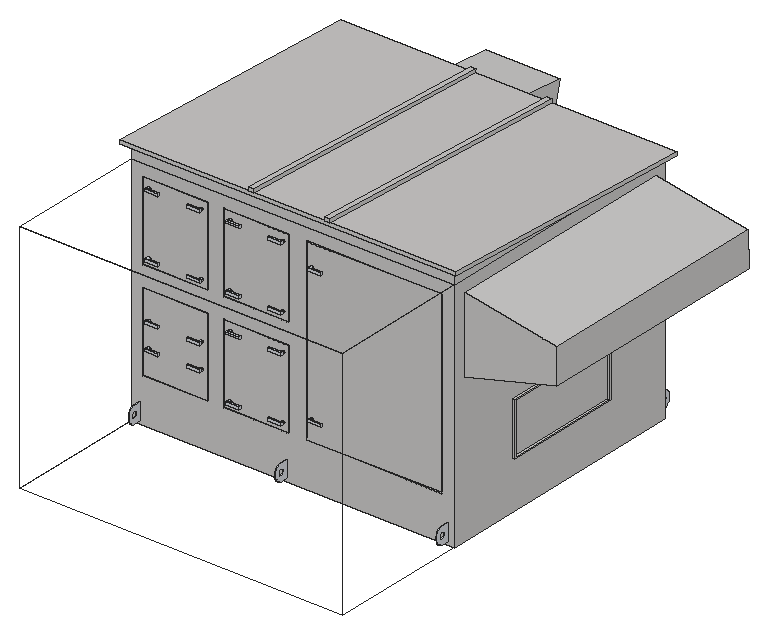
Revit family "DN-3RT-2FP-EC", category Mechanical Equipment, Revit 2016
Family settings
  Part Type = Normal
  Round Connector Dimension = Use Diameter
  OmniClass Number = 23.75.00.00
  OmniClass Title = Climate Control (HVAC)
  Work Plane-Based = No
  Always vertical = Yes
  Cut with Voids When Loaded = No
  Shared = No
  Room Calculation Point = No
Parameters (values of type "2 @ 2.70 kW ea.")
  Voltage [instance] = "200-240 V"
  Unit Weight Range (lbs) [instance] = "2850-3050 lbs."
  Max. Shipping Weight (lbs) [instance] = "3075-3275 lbs."
  Unit Dimensions (L x W x H) [instance] = "128-1/4\" x 104-5/8\" x 77-1/8\""
  Shipping Dimensions (L x W x H) [instance] = "120\" x 90\" x 83\""
  Unit [instance] = Renewaire - Galvanized Steel
  URL = "www.renewaire.com"
  Typical Airflow Range = "750-3,300 CFM"
  Standard Features [instance] = "EC Motors for both airstreams, Direct drive backward inclined plenum, Higher ESP of up to 2.5\" w.g. at 3,000 CFM, Integrated programmable controls, True 100% face and bypass enthalpy based modulating economizer, Class 1 low leakage motorized isolation dampers, Stainless steel double-sloped drain pan with cooling option, 1\" Double wall foam injected 20 gauge galvanized panel construction with R6.5 insulation"
  Service Area Visibility [instance] = yes
  Service Area Box [instance] = Renewaire - Interference
  Revit Object Download Link [instance] = ""
  Phase [instance] = "Three"
  Options [instance] = "DX, heat pump, or chilled water cooling coil, Modulating hot gas reheat, Steam or hot water coil, Onboard variable frequency drives (VFDs) - both airstreams, Fused disconnect, Spring isolators (VFDs only), 2\" Double wall foam injected 20 gauge galvanized panel construction with R13 insulation, Exterior paint - grey, white, custom color, Salt spray - 2500 hours, BACNET factory activation, GFCI convenience outlet, Recirculation damper, Drain overflow switch, Mist Eliminator, Electrofin coating for coils"
  Number Motors [instance] = "Qty. 2, Direct drive motorized impeller packages"
  Model = "DN-3RT-2FP-EC"
  Minimum Circuit Amps [instance] = "19.4 A"
  Maximum Overcurrent Protection [instance] = "25 A"
  Manufacturer = "Renewaire LLC"
  Inlets/Outlets [instance] = "OA & RA Inlets: 36\" x 16\", SA Outlet: 24\" x 16\", EA Outlet: 20\" x 16\""
  Frequency [instance] = "50/60 Hz"
  Filters [instance] = "Total qty. 6, MERV 8: 20\" x 20\" x 2\""
  FLA per Motor [instance] = "8.6-7.2"
  Energy Recovery Type [instance] = "Static plate total energy transfer"
  Description = "Energy Recovery Ventilator"
  Accessories [instance] = "Filters - MERV 13, 2\"  and 4\" (shipped loose), MERV 14, 2\" and 4\" (shipped loose), Additional filters available upon request, Roof curb - standard 14\", Hurricane or seismic rated curbs, Curb clip kit, Carbon dioxide sensor/control - wall mount (CO2-W), duct mount (CO2-D), IAQ sensor - wall mount (IAQ-W), duct mount (IAQ-D), Motion occupancy sensor/control - ceiling mount (MC-C), wall mount (MC-W), Smoke detector, Room temperature and humidity sensor, Duct static pressure sensor with display to 10\", without display 0-2\", Room pressure sensor with display to 1\", without display 0-1\", Waterless trap negative pressure, waterless trap positive pressure, Remote display"
  AHRI 1060 Certified Core [instance] = "Three L-125-G5"
Types (6): name | Voltage | Minimum Circuit Amps | Maximum Overcurrent Protection | FLA per Motor
  (no name) | "200-240 V" | "19.4 A" | "25 A" | "8.6-7.2"
  2 @ 2.70 kW ea. | "200-240 V" | "19.4 A" | "25 A" | "8.6-7.2"
  2 @ 3.70 kW ea. | "380-480 V" | "13.5 A" | "15 A" | "6.0-4.6"
  2 @ 5HP ea. 208-230V | "208-230 V" | "31.3 A" | "45 A" | "13.9-13.4/6.7"
  2 @ 5HP ea. 460V | "460V" | "15.1 A" | "20 A" | "6.7"
  2 @ 5HP ea. 575V | "575V" | "11.9 A" | "15 A" | "5.3"
Reference planes (in)
  plane 1 "Center (Front/Back)": y = 0
  plane 2: z = 0
  plane 3 "Center (Left/Right)": x = 0
  plane 4: y = -39.6875
  plane 5: x = -26.5
Forms (in)
  Extrusion 1, solid, material "Renewaire - Galvanized Steel" <- "Unit"
    sketch origin (0, 0, 0) x (0, 1, 0) y (0, 0, 1)
      loop
        line (38.6875, 70.875) -> (-40.6875, 70.875) -> (-40.6875, 0) -> (38.6875, 0) -> (38.6875, 70.875)
    from 70.875 to -26.5
  Extrusion 2, void
    sketch origin (0, 0, 0) x (1, 0, 0) y (0, 0, 1)
      loop
        line (-3.23221, 67.32399) -> (-23.2322, 67.32399) -> (-23.2322, 43.32172) -> (-3.23221, 43.32172) -> (-3.23221, 67.32399)
      loop
        line (21.2974, 67.32399) -> (1.2974, 67.32399) -> (1.2974, 43.32172) -> (21.2974, 43.32172) -> (21.2974, 67.32399)
      loop
        line (67.20649, 67.32399) -> (26.2065, 67.32399) -> (26.2065, 13.32173) -> (67.20649, 13.32173) -> (67.20649, 67.32399)
      loop
        line (-3.23221, 37.32286) -> (-23.2322, 37.32286) -> (-23.2322, 13.3206) -> (-3.23221, 13.3206) -> (-3.23221, 37.32286)
      loop
        line (21.2974, 37.32286) -> (1.2974, 37.32286) -> (1.2974, 13.3206) -> (21.2974, 13.3206) -> (21.2974, 37.32286)
    from 41.6875 to 39.6875
  Extrusion 3, solid, material "Renewaire - Galvanized Steel" <- "Unit"
    sketch origin (0, -1.04504, 1.25231) x (0, 1, 0) y (0, 0, 1)
      loop
        line (12.02253, 30.88417) -> (-11.97747, 30.88417) -> (-11.97747, 14.88417) -> (12.02253, 14.88417) -> (12.02253, 30.88417)
      loop
        line (11.77253, 30.63417) -> (-11.72747, 30.63417) -> (-11.72747, 15.13417) -> (11.77253, 15.13417) -> (11.77253, 30.63417)
    from -26.5 to -27.5
  Extrusion 4, solid, material "Renewaire - Galvanized Steel" <- "Unit"
    sketch origin (0, -1.04504, 3) x (0, 1, 0) y (0, 0, 1)
      loop
        line (-17.97746, 27.82167) -> (-17.97746, 11.82167) -> (18.02254, 11.82167) -> (18.02254, 27.82167) -> (-17.97746, 27.82167)
      loop
        line (-17.72746, 27.57167) -> (-17.72746, 12.07167) -> (17.77254, 12.07167) -> (17.77254, 27.57167) -> (-17.72746, 27.57167)
    from 71.875 to 70.875
  Extrusion 5, void
    sketch origin (0, 0, 0) x (1, 0, 0) y (0, 1, 0)
      loop
        line (-24.5, 36.6875) -> (-24.5, -38.6875) -> (68.875, -38.6875) -> (68.875, 36.6875) -> (-24.5, 36.6875)
    from -1 to 6
  Extrusion 6, void
    sketch origin (0, 0, 0) x (1, 0, 0) y (0, 1, 0)
      loop
        line (63.82319, 17.02251) -> (47.8232, 17.02251) -> (47.8232, -18.97749) -> (63.82319, -18.97749) -> (63.82319, 17.02251)
      loop
        line (-2.4055, 11.02929) -> (-18.4055, 11.02929) -> (-18.4055, -12.97071) -> (-2.4055, -12.97071) -> (-2.4055, 11.02929)
    from 4 to 6.125
  Extrusion 7, solid, material "Renewaire - Interference" <- "Service Area Box"
    sketch origin (0, 0, 0) x (1, 0, 0) y (0, 1, 0)
      loop
        line (-26.5, -40.6875) -> (-26.5, -82.6875) -> (70.875, -82.6875) -> (70.875, -40.6875) -> (-26.5, -40.6875)
    from 0 to 70.875
  Extrusion 8, solid, material "Renewaire - Galvanized Steel" <- "Unit"
    sketch origin (0, 0, 0) x (1, 0, 0) y (0, 0, 1)
      loop
        line (-22.9822, 67.07399) -> (-22.9822, 43.57172) -> (-3.48221, 43.57172) -> (-3.48221, 67.07399) -> (-22.9822, 67.07399)
      loop
        line (1.5474, 67.07399) -> (1.5474, 43.57172) -> (21.0474, 43.57172) -> (21.0474, 67.07399) -> (1.5474, 67.07399)
      loop
        line (-22.9822, 37.07286) -> (-22.9822, 13.5706) -> (-3.48221, 13.5706) -> (-3.48221, 37.07286) -> (-22.9822, 37.07286)
      loop
        line (1.5474, 37.07286) -> (1.5474, 13.5706) -> (21.0474, 13.5706) -> (21.0474, 37.07286) -> (1.5474, 37.07286)
      loop
        line (26.4565, 67.07399) -> (26.4565, 13.57173) -> (66.95649, 13.57173) -> (66.95649, 67.07399) -> (26.4565, 67.07399)
    from 39.6875 to 40.6875
  Extrusion 9, solid, material "Renewaire - Galvanized Steel" <- "Unit"
    sketch origin (0, 0, 0) x (0, 1, 0) y (0, 0, 1)
      loop
        line (38.6875, 67.40788) -> (38.6875, 49.36009) -> (55.14296, 48.91539) -> (59.60759, 65.57761) -> (38.6875, 67.40788)
    from 0 to 22.39252
  Extrusion 10, solid, material "Renewaire - Galvanized Steel" <- "Unit"
    sketch origin (0, 0, 0) x (1, 0, 0) y (0, 0, 1)
      loop
        line (70.875, 67.38694) -> (70.875, 44.63001) -> (98.94202, 51.93797) -> (98.94202, 62.43797) -> (70.875, 67.38694)
    from -35.06601 to 37.05392
  Extrusion 11, solid, material "Renewaire - Galvanized Steel" <- "Unit"
    sketch origin (0, 0, 0) x (0, 1, 0) y (0, 0, 1)
      loop
        line (40.71506, 70.90575) -> (40.76536, 71.90448) -> (-42.74883, 76.11069) -> (-42.79913, 75.11195) -> (40.71506, 70.90575)
    from -28.5 to 72.875
  Extrusion 12, solid, material "Renewaire - Galvanized Steel" <- "Unit"
    sketch origin (0, 0, 0) x (0, 1, 0) y (0, 0, 1)
      loop
        line (38.6875, 70.875) -> (38.6875, 71.00786) -> (-40.6875, 75.0056) -> (-40.6875, 70.875) -> (38.6875, 70.875)
    from -26.5 to 70.875
  Extrusion 13, solid, material "Renewaire - Galvanized Steel" <- "Unit"
    sketch origin (0, 0, 0) x (0, 1, 0) y (0, 0, 1)
      loop
        line (40.76536, 71.90448) -> (40.81566, 72.90323) -> (-42.69853, 77.10944) -> (-42.74883, 76.11069) -> (40.76536, 71.90448)
    from 12 to 10.5
  Extrusion 14, solid, material "Renewaire - Galvanized Steel" <- "Unit"
    sketch origin (0, 0, 0) x (0, 1, 0) y (0, 0, 1)
      loop
        line (40.76536, 71.90448) -> (40.81566, 72.90323) -> (-42.69853, 77.10944) -> (-42.74883, 76.11069) -> (40.76536, 71.90448)
    from 33.5 to 35
  Extrusion 15, void
    sketch origin (0, 0, 0) x (1, 0, 0) y (0, 0, 1)
      loop
        line (-3.23221, 67.32399) -> (-23.2322, 67.32399) -> (-23.2322, 43.32172) -> (-3.23221, 43.32172) -> (-3.23221, 67.32399)
      loop
        line (-3.23221, 37.32286) -> (-23.2322, 37.32286) -> (-23.2322, 13.3206) -> (-3.23221, 13.3206) -> (-3.23221, 37.32286)
    from -39.6875 to -37.6875
  Extrusion 16, solid, material "Renewaire - Galvanized Steel" <- "Unit"
    sketch origin (0, 0, 0) x (1, 0, 0) y (0, 0, 1)
      loop
        line (-3.48221, 67.07399) -> (-22.9822, 67.07399) -> (-22.9822, 43.57172) -> (-3.48221, 43.57172) -> (-3.48221, 67.07399)
      loop
        line (-3.48221, 37.07286) -> (-22.9822, 37.07286) -> (-22.9822, 32.07286) -> (-3.48221, 32.07286) -> (-3.48221, 37.07286)
      loop
        line (-3.48221, 13.5706) -> (-3.48221, 18.5706) -> (-22.9822, 18.5706) -> (-22.9822, 13.5706) -> (-3.48221, 13.5706)
      loop
        line (-3.48221, 31.82286) -> (-22.9822, 31.82286) -> (-22.9822, 18.8206) -> (-3.48221, 18.8206) -> (-3.48221, 31.82286)
    from -37.6875 to -38.6875
Cuts and joins
  Extrusion 2, Extrusion 5, Extrusion 6, Extrusion 15 cuts Extrusion 1
Dimensions and locks (in)
  locked: nested 20 to plane 5 at 2.237
  locked: plane 5 to Extrusion 11 at 2
  plane 5 to Extrusion 6 sketch curve = 0' - 8.0945"
  locked: Extrusion 6 sketch curve to Extrusion 6 sketch curve at 16
  plane 5 to Extrusion 12 = 8' - 1 3/8"
  Extrusion 11 to Extrusion 13 = 3' - 4 1/2"
  aligned and locked: level to plane 2
  aligned and locked: cut or joined group of Extrusion 1, Extrusion 2, Extrusion 5, Extrusion 6, Extrusion 15 to Extrusion 7 sketch curve
  aligned and locked: Extrusion 7 to level
  aligned and locked: Extrusion 3 to Extrusion 7
  aligned and locked: Extrusion 7 to plane 5
  aligned and locked: plane 5 to Extrusion 3
  aligned and locked: nested 20 to nested 17
Nested families (in)
  nested 1: "Handle" at (-5.33426, -40.6875, 64.71643), type "Handle"
    with Right Handle no, Left Handle yes, Flip yes
  nested 2: "Handle" at (-5.33426, -40.6875, 45.71643), type "Handle"
    with Right Handle no, Left Handle yes, Flip yes
  nested 3: "Handle" at (-21.24744, -40.6875, 64.71643) x (-1, 0, 0) z (0, 0, 1), type "Handle"
    with Right Handle no, Left Handle yes, Flip yes
  nested 4: "Handle" at (-21.24744, -40.6875, 45.71643) x (-1, 0, 0) z (0, 0, 1), type "Handle"
    with Right Handle no, Left Handle yes, Flip yes
  nested 5: "Handle" at (19.19534, -40.6875, 64.71643), type "Handle"
    with Right Handle no, Left Handle yes, Flip yes
  nested 6: "Handle" at (19.19534, -40.6875, 45.71643), type "Handle"
    with Right Handle no, Left Handle yes, Flip yes
  nested 7: "Handle" at (3.28217, -40.6875, 64.71643) x (-1, 0, 0) z (0, 0, 1), type "Handle"
    with Right Handle no, Left Handle yes, Flip yes
  nested 8: "Handle" at (3.28217, -40.6875, 45.71643) x (-1, 0, 0) z (0, 0, 1), type "Handle"
    with Right Handle no, Left Handle yes, Flip yes
  nested 9: "Handle" at (19.19534, -40.6875, 34.7153), type "Handle"
    with Right Handle no, Left Handle yes, Flip yes
  nested 10: "Handle" at (19.19534, -40.6875, 15.7153), type "Handle"
    with Right Handle no, Left Handle yes, Flip yes
  nested 11: "Handle" at (3.28217, -40.6875, 34.7153) x (-1, 0, 0) z (0, 0, 1), type "Handle"
    with Right Handle no, Left Handle yes, Flip yes
  nested 12: "Handle" at (3.28217, -40.6875, 15.7153) x (-1, 0, 0) z (0, 0, 1), type "Handle"
    with Right Handle no, Left Handle yes, Flip yes
  nested 13: "Handle" at (-5.33426, -40.6875, 28.86287), type "Handle"
    with Right Handle no, Left Handle yes, Flip yes
  nested 14: "Handle" at (-5.33426, -40.6875, 21.4653), type "Handle"
    with Right Handle no, Left Handle yes, Flip yes
  nested 15: "Handle" at (-21.24744, -40.6875, 28.86287) x (-1, 0, 0) z (0, 0, 1), type "Handle"
    with Right Handle no, Left Handle yes, Flip yes
  nested 16: "Handle" at (-21.24744, -40.6875, 21.4653) x (-1, 0, 0) z (0, 0, 1), type "Handle"
    with Right Handle no, Left Handle yes, Flip yes
  nested 17: "Lifting Lug" at (-24.013, 38.6875, 0.74993) x (0, 1, 0) z (0, 0, 1), Material <- "Unit", type "Lifting Lug"
    with Material Renewaire - Galvanized Steel
  nested 18: "Lifting Lug" at (20.25, 38.6875, 0.74993) x (0, 1, 0) z (0, 0, 1), Material <- "Unit", type "Lifting Lug"
    with Material Renewaire - Galvanized Steel
  nested 19: "Lifting Lug" at (68.85071, 38.6875, 0.74993) x (0, 1, 0) z (0, 0, 1), Material <- "Unit", type "Lifting Lug"
    with Material Renewaire - Galvanized Steel
  nested 20: "Lifting Lug" at (-24.013, -40.6875, 0.74993) x (0, -1, 0) z (0, 0, 1), Material <- "Unit", type "Lifting Lug"
    with Material Renewaire - Galvanized Steel
  nested 21: "Lifting Lug" at (20.25, -40.6875, 0.74993) x (0, -1, 0) z (0, 0, 1), Material <- "Unit", type "Lifting Lug"
    with Material Renewaire - Galvanized Steel
  nested 22: "Lifting Lug" at (68.85071, -40.6875, 0.74993) x (0, -1, 0) z (0, 0, 1), Material <- "Unit", type "Lifting Lug"
    with Material Renewaire - Galvanized Steel
  nested 23: "Handle" at (-5.33426, 38.6875, 64.71643), type "Handle"
    with Right Handle no, Left Handle yes, Flip yes
  nested 24: "Handle" at (-5.33426, 38.6875, 45.71643), type "Handle"
    with Right Handle no, Left Handle yes, Flip yes
  nested 25: "Handle" at (-21.24744, 38.6875, 64.71643) x (-1, 0, 0) z (0, 0, 1), type "Handle"
    with Right Handle no, Left Handle yes, Flip yes
  nested 26: "Handle" at (-21.24744, 38.6875, 45.71643) x (-1, 0, 0) z (0, 0, 1), type "Handle"
    with Right Handle no, Left Handle yes, Flip yes
  nested 27: "Handle" at (-5.33426, 38.6875, 28.86287), type "Handle"
    with Right Handle no, Left Handle yes, Flip yes
  nested 28: "Handle" at (-5.33426, 38.6875, 21.4653), type "Handle"
    with Right Handle no, Left Handle yes, Flip yes
  nested 29: "Handle" at (-21.24744, 38.6875, 28.86287) x (-1, 0, 0) z (0, 0, 1), type "Handle"
    with Right Handle no, Left Handle yes, Flip yes
  nested 30: "Handle" at (-21.24744, 38.6875, 21.4653) x (-1, 0, 0) z (0, 0, 1), type "Handle"
    with Right Handle no, Left Handle yes, Flip yes
  nested 31: "Handle" at (27.90471, -40.6875, 60.57394) x (-1, 0, 0) z (0, 0, 1), type "Handle"
    with Right Handle no, Left Handle yes, Flip yes
  nested 32: "Handle" at (27.90471, -40.6875, 19.59892) x (-1, 0, 0) z (0, 0, 1), type "Handle"
    with Right Handle no, Left Handle yes, Flip yes
Connectors (in)
  hvac at (-27.5, -1.02251, 24.13648)
    settings: on Extrusion 3, index 1, duct flow 0 CFM, flow factor 0, pres drop 0.00 in-wg, loss coef 0, conn angle 0.00°, conn width 24", conn height 16", conn diameter 24", duct sys type 1, conn prof type 1, flow config 0, flow direction 2, loss method 0, conn ref index -1, conn util no, is conn primary yes, conn desc "Supply Air (SA)"
  hvac at (71.875, -1.0225, 22.82167)
    settings: on Extrusion 4, index 4, duct flow 0 CFM, flow factor 0, pres drop 0.00 in-wg, loss coef 0, conn angle 0.00°, conn width 36", conn height 16", conn diameter 24", duct sys type 2, conn prof type 1, flow config 0, flow direction 1, loss method 0, conn ref index -1, conn util no, is conn primary no, conn desc "Return Air (RA)"
  hvac at (55.8232, -0.97749, 6)
    settings: on cut or joined group of Extrusion 1, Extrusion 2, Extrusion 5, Extrusion 6, Extrusion 15, index 5, duct flow 0 CFM, flow factor 0, pres drop 0.00 in-wg, loss coef 0, conn angle 0.00°, conn width 36", conn height 16", conn diameter 24", duct sys type 2, conn prof type 1, flow config 0, flow direction 1, loss method 0, conn ref index -1, conn util no, is conn primary no, conn desc "Return Air (RA)"
  hvac at (-10.4055, -0.97071, 6)
    settings: on cut or joined group of Extrusion 1, Extrusion 2, Extrusion 5, Extrusion 6, Extrusion 15, index 6, duct flow 0 CFM, flow factor 0, pres drop 0.00 in-wg, loss coef 0, conn angle 0.00°, conn width 24", conn height 16", conn diameter 24", duct sys type 1, conn prof type 1, flow config 0, flow direction 2, loss method 0, conn ref index -1, conn util no, is conn primary no, conn desc ""
Definition of nested family "Handle"
  Parameters (values of type "Handle")
    Right Handle [instance] = not(Flip)  # no
    Material = none
    Left Handle [instance] = Flip  # yes
    Flip [instance] = yes
  Reference planes (in)
    plane 1 "Center (Front/Back)": y = 0
    plane 2: z = 0
    plane 3 "Center (Left/Right)": x = 0
  Forms (in)
    Extrusion 1, solid, material <- "Material"
      sketch origin (0, 0, 0) x (1, 0, 0) y (0, 0, 1)
        loop
          circle (0, 0) r 0.375
      from 0 to 0.75
    Extrusion 2, solid, material <- "Material", visible <- "Right Handle"
      sketch origin (0, 0, 0) x (1, 0, 0) y (0, 1, 0)
        loop
          line (-0.375, -0.75) -> (-0.375, -1.25) -> (3.625, -1.25) -> (3.625, -0.75) -> (-0.375, -0.75)
      from -0.375 to 0.375
    Extrusion 3, solid, material <- "Material", visible <- "Left Handle"
      sketch origin (-3.25, 0, 0) x (1, 0, 0) y (0, 1, 0)
        loop
          line (-0.375, -0.75) -> (-0.375, -1.25) -> (3.625, -1.25) -> (3.625, -0.75) -> (-0.375, -0.75)
      from -0.375 to 0.375
  Dimensions and locks (in)
    aligned and locked: plane 2 to level
Definition of nested family "Lifting Lug"
  Parameters (values of type "Lifting Lug")
    Material [instance] = none
  Reference planes (in)
    plane 1 "Center (Front/Back)": y = 0
    plane 2: z = 0
    plane 3 "Center (Left/Right)": x = 0
  Forms (in)
    Extrusion 1, solid
      sketch origin (0, 0, 0) x (1, 0, 0) y (0, 0, 1)
        loop
          line (0, 0.1875) -> (2, 0.1875)
          arc (2, 0.1875) -> (3.41421, 0.77329) -> (4, 2.1875) r 2
          line (4, 2.1875) -> (4, 3.1875)
          arc (4, 3.1875) -> (3.41421, 4.60171) -> (2, 5.1875) r 2
          line (2, 5.1875) -> (0, 5.1875) -> (0, 0.1875)
        loop
          circle (2.125, 2.6875) r 1
      from 0 to 0.25
  Dimensions and locks (in)
    aligned and locked: plane 2 to level
